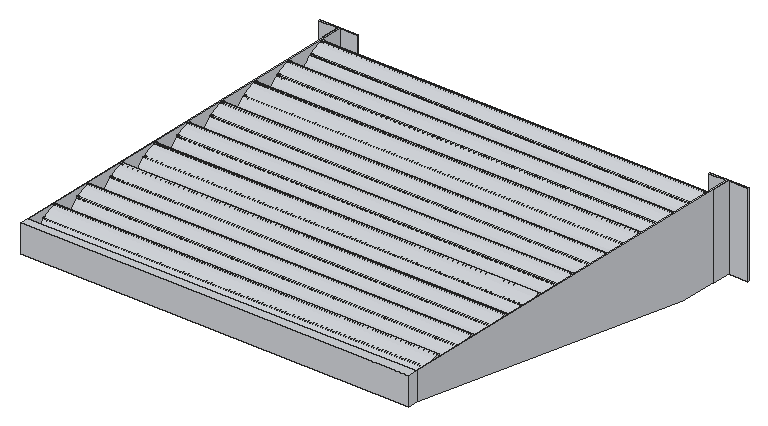
Revit family "Solaris Series", category Mechanical Equipment, Revit 2015
Parameters
  blade spacing [instance] = 0' - 6"
  blade number [instance] = (Projection - 2' 6") / blade spacing  # 9
  blade length [instance] = Width - 0' 0 3/8" - 0' 0 3/8"  # 6' - 11 1/4"
  Width = 7' - 0"
  URL = "https://unitedenertech.com/catalog/pdf/C_4%20SOLARIS%20SERIES.pdf"
  Type Comments = "72\"x96\" Max Size"
  Projection = 7' - 0"
  Model = "Solaris Series Sunshade"
  Manufacturer = "United Enertech"
  Height = 1' - 6"
  Description = "1/4\" aluminum tapered outrigger with .108\" aluminum airfoil blades"
Reference planes (in)
  plane 1 "Center (Front/Back)": y = 0
  plane 2: z = 0
  plane 3 "Center (Left/Right)": x = 0
  plane 4: z = 39.87479
  plane 5: z = 21.87479
  plane 6: y = 42
  plane 7: y = -42
  plane 8: z = 33.87479
  plane 9: y = 30
  plane 10: y = -44
  plane 11: x = 42
  plane 12: x = 84
  plane 13: x = 83.75
  plane 14: y = 42.25
  plane 15: x = -0.25
  plane 16: x = 84.25
  plane 17: y = 37
Forms (in)
  Extrusion 1, solid
    sketch origin (0, 0, 0) x (0, 1, 0) y (0, 0, 1)
      loop
        line (42, 39.87479) -> (-42, 39.87479) -> (-42, 33.87479) -> (30, 21.87479) -> (42, 21.87479) -> (42, 39.87479)
    from 0 to 0.25
  Extrusion 2, solid
    sketch origin (0, 0, 0) x (0, 1, 0) y (0, 0, 1)
      loop
        line (-42, 39.87479) -> (-44, 39.87479) -> (-44, 33.87479) -> (-42, 33.87479) -> (-42, 39.87479)
    from 0 to 84
  Extrusion 3, solid
    sketch origin (136, 0, 0) x (0, 1, 0) y (0, 0, -1)
      loop
        line (42, -39.87479) -> (42, -21.87479) -> (30, -21.87479) -> (-42, -33.87479) -> (-42, -39.87479) -> (42, -39.87479)
    from 52 to 52.25
  Extrusion 4, solid
    sketch origin (-5.02816, -6.32816, 0) x (1, 0, 0) y (0, 1, 0)
      loop
        line (4.77816, 44.32816) -> (5.02816, 44.32816) -> (5.02816, 48.32816) -> (9.02816, 48.32816) -> (9.02816, 48.57816) -> (0.77816, 48.57816) -> (0.77816, 48.32816) -> (4.77816, 48.32816) -> (4.77816, 44.32816)
    from 21.87479 to 39.87479
  Extrusion 5, solid
    sketch origin (89.02816, -6.32816, 0) x (-1, 0, 0) y (0, -1, 0)
      loop
        line (4.77816, -44.32816) -> (4.77816, -48.32816) -> (0.77816, -48.32816) -> (0.77816, -48.57816) -> (9.02816, -48.57816) -> (9.02816, -48.32816) -> (5.02816, -48.32816) -> (5.02816, -44.32816) -> (4.77816, -44.32816)
    from 21.87479 to 39.87479
Dimensions and locks (in)
  equal spacing: plane 6, plane 1 "Center (Front/Back)", plane 7
  "Projection": plane 6 to plane 7
  locked: plane 6 to plane 9 at 12
  locked: plane 4 to plane 8 at 6
  "Height": plane 4 to plane 5
  locked: plane 7 to plane 10 at 2
  equal spacing: plane 3 "Center (Left/Right)", plane 11, plane 12
  "Width": plane 3 "Center (Left/Right)" to plane 12
  locked: plane 13 to plane 12 at 0.25
  locked: plane 14 to plane 6 at 0.25
  locked: plane 15 to plane 3 "Center (Left/Right)" at 0.25
  locked: plane 12 to plane 16 at 0.25
  locked: plane 6 to plane 17 at 5
  equal spacing: group 9, group 8, group 7, group 6, group 5, group 4, group 3, group 2, group 1  (x2)
  equal spacing: group 1, group 2, group 3, group 4, group 5, group 6, group 7, group 8, group 9
  aligned and locked: level to plane 2
  aligned and locked: plane 6 to Extrusion 1 sketch curve
  aligned and locked: plane 4 to Extrusion 1 sketch curve
  aligned and locked: Extrusion 2 sketch curve to plane 4
  aligned and locked: Extrusion 2 sketch curve to plane 7
  aligned and locked: plane 8 to Extrusion 2 sketch curve
  aligned and locked: plane 10 to Extrusion 2 sketch curve
  aligned and locked: plane 7 to Extrusion 2
  aligned and locked: Extrusion 2 to plane 10
  aligned and locked: Extrusion 2 to plane 8
  aligned and locked: plane 4 to Extrusion 2
  aligned and locked: Extrusion 1 to plane 3 "Center (Left/Right)"
  aligned and locked: Extrusion 3 to plane 12
  aligned and locked: Extrusion 2 to plane 12
  aligned and locked: Extrusion 3 to plane 13
  aligned and locked: plane 6 to Extrusion 1
  aligned and locked: plane 14 to Extrusion 4
  aligned and locked: Extrusion 4 to plane 6  (x2)
  aligned and locked: plane 3 "Center (Left/Right)" to Extrusion 4
  aligned and locked: Extrusion 4 to plane 15
  aligned and locked: plane 4 to Extrusion 4
  aligned and locked: Extrusion 4 to plane 5
  aligned and locked: plane 14 to Extrusion 5
  aligned and locked: plane 16 to Extrusion 5
  aligned and locked: Extrusion 5 to plane 6  (x2)
  aligned and locked: plane 12 to Extrusion 5
  aligned and locked: plane 4 to Extrusion 5
  aligned and locked: Extrusion 5 to plane 5
  aligned and locked: nested 1 to plane 11
  aligned and locked: plane 17 to nested 1
  aligned and locked: nested 9 to plane 3 "Center (Left/Right)"
Automatic sketch dimensions
  Extrusion 1 sketch curve to plane 7 = 0' - 0"
  Extrusion 1 sketch curve to plane 5 = 0' - 0"
  Extrusion 1 sketch curve to plane 9 = 0' - 0"
  Extrusion 1 sketch curve to plane 8 = 0' - 0"
  Extrusion 3 sketch curve to plane 7 = 0' - 0"
  Extrusion 3 sketch curve to plane 5 = 0' - 0"
  Extrusion 3 sketch curve to plane 9 = 0' - 0"
  Extrusion 3 sketch curve to plane 6 = 0' - 0"
  Extrusion 3 sketch curve to plane 4 = 0' - 0"
  Extrusion 3 sketch curve to plane 8 = 0' - 0"
  Extrusion 4 sketch curve to plane 14 = 0' - 0"
  Extrusion 4 sketch curve to plane 6 = 0' - 0"  (x2)
  Extrusion 4 sketch curve to plane 15 = 0' - 0"
  Extrusion 4 sketch curve to plane 3 "Center (Left/Right)" = 0' - 0"
  Extrusion 4 sketch curve to plane 15 = 0' - 4"
  plane 3 "Center (Left/Right)" to Extrusion 4 sketch curve = 0' - 4"
  Extrusion 5 sketch curve to plane 14 = 0' - 0"
  Extrusion 5 sketch curve to plane 6 = 0' - 0"  (x2)
  Extrusion 5 sketch curve to plane 16 = 0' - 0"
  Extrusion 5 sketch curve to plane 12 = 0' - 0"
  Extrusion 5 sketch curve to plane 16 = 0' - 4"
  plane 13 to Extrusion 5 sketch curve = 0' - 3 3/4"
  Extrusion 4 sketch curve to Extrusion 4 sketch curve = 0' - 4"
  Extrusion 5 sketch curve to Extrusion 5 sketch curve = 0' - 4"
Nested families (in)
  nested 1: "star series blade" at (42, 38.32744, 35.01777), blade length <- "blade length", type "star series blade"
    with blade length 6' - 11 1/4"
  nested 2: "star series blade" at (41.95313, 29.33458, 35.01777), blade length <- "blade length", type "star series blade"
    with blade length 6' - 11 1/4"
  nested 3: "star series blade" at (41.90625, 20.34173, 35.01777), blade length <- "blade length", type "star series blade"
    with blade length 6' - 11 1/4"
  nested 4: "star series blade" at (41.85938, 11.34887, 35.01777), blade length <- "blade length", type "star series blade"
    with blade length 6' - 11 1/4"
  nested 5: "star series blade" at (41.8125, 2.35601, 35.01777), blade length <- "blade length", type "star series blade"
    with blade length 6' - 11 1/4"
  nested 6: "star series blade" at (41.76563, -6.63685, 35.01777), blade length <- "blade length", type "star series blade"
    with blade length 6' - 11 1/4"
  nested 7: "star series blade" at (41.71875, -15.6297, 35.01777), blade length <- "blade length", type "star series blade"
    with blade length 6' - 11 1/4"
  nested 8: "star series blade" at (41.67188, -24.62256, 35.01777), blade length <- "blade length", type "star series blade"
    with blade length 6' - 11 1/4"
  nested 9: "star series blade" at (41.625, -33.61542, 35.01777), blade length <- "blade length", type "star series blade"
    with blade length 6' - 11 1/4"
Definition of nested family "star series blade"
  Parameters (values of type "star series blade")
    blade length [instance] = 3' - 0"
  Reference planes (in)
    plane 1 "Center (Front/Back)": y = 0
    plane 2: z = 0
    plane 3 "Center (Left/Right)": x = 0
    plane 4: x = -18
    plane 5: x = 18
  Forms (in)
    Extrusion 1, solid
      sketch origin (0, 0, 0) x (0, 1, 0) y (0, 0, 1)
        loop
          arc (-1.39275, 4.85702) -> (-4.4218, 3.58202) -> (-6.6559, 1.17173) r 7.79304
          arc (-6.6559, 1.17173) -> (-6.65333, 1.10402) -> (-6.59059, 1.07845) r 0.06249
          arc (-6.59059, 1.07845) -> (-3.56154, 2.35345) -> (-1.32744, 4.76374) r 7.79304
          arc (-1.32744, 4.76374) -> (-1.33001, 4.83145) -> (-1.39275, 4.85702) r 0.06249
        loop
          arc (-1.73026, 4.60523) -> (-3.03578, 4.24451) -> (-4.22321, 3.59297) r 5.84458
          arc (-4.22321, 3.59297) -> (-4.1346, 3.48636) -> (-4.14288, 3.34798) r 0.18848
          line (-4.14288, 3.34798) -> (-4.2344, 3.39066)
          arc (-4.2344, 3.39066) -> (-4.36388, 3.4993) -> (-4.30607, 3.34048) r 0.08749
          line (-4.30607, 3.34048) -> (-4.29727, 3.23987)
          arc (-4.29727, 3.23987) -> (-4.43106, 3.28016) -> (-4.50035, 3.4015) r 0.18848
          arc (-4.50035, 3.4015) -> (-5.51719, 2.50598) -> (-6.30386, 1.40277) r 5.92182
          arc (-6.30386, 1.40277) -> (-6.4125, 1.27329) -> (-6.25368, 1.3311) r 0.08749
          arc (-6.25368, 1.3311) -> (-4.94751, 1.69209) -> (-3.75804, 2.34137) r 5.90431
          arc (-3.75804, 2.34137) -> (-3.84837, 2.44798) -> (-3.84046, 2.58749) r 0.18848
          line (-3.84046, 2.58749) -> (-3.74893, 2.54481)
          arc (-3.74893, 2.54481) -> (-3.61946, 2.43617) -> (-3.67727, 2.59499) r 0.08749
          line (-3.67727, 2.59499) -> (-3.68607, 2.69559)
          arc (-3.68607, 2.69559) -> (-3.55322, 2.65605) -> (-3.48334, 2.53635) r 0.18848
          arc (-3.48334, 2.53635) -> (-2.46483, 3.42943) -> (-1.68008, 4.53357) r 5.82634
          arc (-1.68008, 4.53357) -> (-1.57144, 4.66304) -> (-1.73026, 4.60523) r 0.08749
      from -18 to 18
  Dimensions and locks (in)
    equal spacing: plane 4, plane 3 "Center (Left/Right)", plane 5
    "blade length": plane 4 to plane 5
    aligned and locked: level to plane 2
    aligned and locked: plane 4 to Extrusion 1
    aligned and locked: Extrusion 1 to plane 5
  Automatic sketch dimensions
    Extrusion 1 sketch curve to Extrusion 1 sketch curve = 0' - 0"  (x15)
    plane 1 "Center (Front/Back)" to Extrusion 1 sketch curve = 0' - 8.03144"
    Extrusion 1 sketch curve to Extrusion 1 sketch curve = 0' - 0.86843"
    Extrusion 1 sketch curve to Extrusion 1 sketch curve = 0' - 0.3737"
    level to Extrusion 1 sketch curve = 0' - 1.13986"
    Extrusion 1 sketch curve to Extrusion 1 sketch curve = 0' - 0.56087"
    Extrusion 1 sketch curve to Extrusion 1 sketch curve = 0' - 0.26131"
    Extrusion 1 sketch curve to Extrusion 1 sketch curve = 0' - 2.02714"
    level to Extrusion 1 sketch curve = 0' - 3.34048"
    Extrusion 1 sketch curve to Extrusion 1 sketch curve = 0' - 0.00763"  (x2)
    level to Extrusion 1 sketch curve = 0' - 3.23987"
    Extrusion 1 sketch curve to Extrusion 1 sketch curve = 0' - 0.0088"
    level to Extrusion 1 sketch curve = 0' - 3.39066"
    Extrusion 1 sketch curve to Extrusion 1 sketch curve = 0' - 0.07929"
    Extrusion 1 sketch curve to Extrusion 1 sketch curve = 0' - 0.09153"  (x2)
    level to Extrusion 1 sketch curve = 0' - 2.58749"
    Extrusion 1 sketch curve to Extrusion 1 sketch curve = 0' - 0.45681"
    Extrusion 1 sketch curve to Extrusion 1 sketch curve = 0' - 0.06286"
    level to Extrusion 1 sketch curve = 0' - 2.59499"
    Extrusion 1 sketch curve to Extrusion 1 sketch curve = 0' - 0.07166"
    plane 1 "Center (Front/Back)" to Extrusion 1 sketch curve = 0' - 1.64311"
    Extrusion 1 sketch curve to Extrusion 1 sketch curve = 0' - 0.26191"
    plane 1 "Center (Front/Back)" to Extrusion 1 sketch curve = 0' - 1.12063"
    Extrusion 1 sketch curve to Extrusion 1 sketch curve = 0' - 0.28368"
    Extrusion 1 sketch curve to plane 1 "Center (Front/Back)" = 0' - 0.0481"
    Extrusion 1 sketch curve to level = 0' - 1.17068"
    Extrusion 1 sketch curve to Extrusion 1 sketch curve = 0' - 0.29048"
    Extrusion 1 sketch curve to Extrusion 1 sketch curve = 0' - 1.34051"
    Extrusion 1 sketch curve to Extrusion 1 sketch curve = 0' - 0 47/256"
    Extrusion 1 sketch curve to Extrusion 1 sketch curve = 0' - 0.08716"  (x3)
    Extrusion 1 sketch curve to Extrusion 1 sketch curve = 0' - 0.1006"
    Extrusion 1 sketch curve to Extrusion 1 sketch curve = 0' - 0.04268"
    Extrusion 1 sketch curve to Extrusion 1 sketch curve = 0' - 1.26488"
    Extrusion 1 sketch curve to Extrusion 1 sketch curve = 0' - 0.18275"
    Extrusion 1 sketch curve to Extrusion 1 sketch curve = 0' - 3.73733"
    Extrusion 1 sketch curve to Extrusion 1 sketch curve = 0' - 0.16897"
    Extrusion 1 sketch curve to Extrusion 1 sketch curve = 0' - 1.57217"
    Extrusion 1 sketch curve to Extrusion 1 sketch curve = 0' - 0.05376"
    Extrusion 1 sketch curve to Extrusion 1 sketch curve = 0' - 0.03697"
    Extrusion 1 sketch curve to Extrusion 1 sketch curve = 0' - 0.18666"
    Extrusion 1 sketch curve to Extrusion 1 sketch curve = 0' - 0.09048"
    Extrusion 1 sketch curve to Extrusion 1 sketch curve = 0' - 0.18631"
